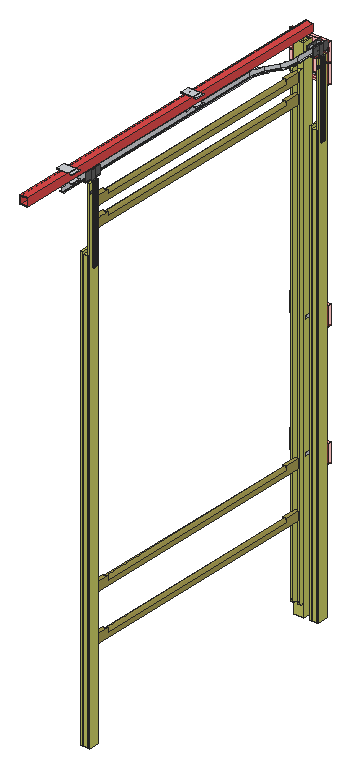
Revit family "Bomsystem1 sammansatt", category Generic Models, Revit 2017
Family settings
  Can host rebar = No
  Round Connector Dimension = Use Diameter
  Part Type = Normal
  Work Plane-Based = No
  Always vertical = Yes
  Cut with Voids When Loaded = No
  Shared = No
  Room Calculation Point = No
Parameters (values of type "Saxi Bomsystem 2 H")
  to_middle_support = Height / 2  # 4000 mm
  V = no
  URL = "www.saxi.se"
  Model = "Saxi Bomsystem 1"
  Manufacturer = "Saxi Vägg AB"
  Height_stolpe2 = Height - 1200 mm  # 6800 mm
  Height_stolpe = Height - 60 mm  # 7940 mm
  Height = 8000 mm
  H = yes
  2 = yes
Types (5, lengths in mm): name | to_middle_support | V | Height_stolpe2 | Height_stolpe | Height | H | 2
  (no name) | 4000 | no | 6800 | 7940 | 8000 | yes | yes
  Saxi Bomsystem 1 V | 4500 | yes | 7800 | 8940 | 9000 | no | no
  Saxi Bomsystem 1 H | 4500 | no | 7800 | 8940 | 9000 | yes | no
  Saxi Bomsystem 2 V | 4500 | yes | 7800 | 8940 | 9000 | no | yes
  Saxi Bomsystem 2 H | 4000 | no | 6800 | 7940 | 8000 | yes | yes
Reference planes
  plane 1 "Center (Front/Back)": y = 0
  plane 2: z = 0
  plane 3 "Center (Left/Right)": x = 0
Dimensions and locks
  locked: nested 2 to nested 1 at 135
  nested 5 to plane 1 "Center (Front/Back)" = 40 mm
  nested 3 to plane 1 "Center (Front/Back)" = 2175 mm
  nested 3 to nested 4 = 2400 mm
  nested 6 to nested 5 = 4276 mm
  locked: nested 9 to nested 1 at 600
  locked: nested 13 to nested 1 at 900
  locked: nested 15 to nested 1 at 167.083
  locked: nested 16 to nested 1 at 167.083
  locked: nested 17 to nested 1 at 167.083
  locked: nested 18 to nested 1 at 167.083
  locked: nested 19 to nested 1 at 135.037
  locked: level to nested 23 at 2100
  "to_middle_support": level to nested 24
  nested 25 to plane 1 "Center (Front/Back)" = 20.75 mm
  locked: nested 24 to nested 26 at 127.5
  aligned and locked: level to plane 2
  aligned and locked: nested 4 to nested 1
  aligned and locked: nested 3 to nested 1
  aligned and locked: nested 10 to nested 2
  aligned and locked: nested 20 to nested 19
  aligned and locked: nested 21 to nested 5
  aligned and locked: nested 22 to nested 21
Nested families
  nested 1: "takbalk" at (-60, 0, 8000), built-in parameter 1001364 <- "Height", type "takbalk"
    with beam_length 5500 mm
  nested 2: "takskena" at (-226.25, -12, 7865), visible <- "V", type "takskena"
  nested 3: "takskena_klam" at (0, -2125, 7925), type "takskena_klam"
  nested 4: "takskena_klam" at (0, -4525, 7925), type "takskena_klam"
  nested 5: "vagg_stolpe" at (0, -40, 0), type "vagg_stolpe"
    with height_stolpe1 7940 mm
  nested 6: "utkor_stolpe" at (0, -4316, 0) x (-1, 0, 0) z (0, 0, 1), visible <- "V", type "utkor_stolpe"
    with height_stolpe1 6800 mm
  nested 7: "utkor_stolpe" at (-226.031, -210, 0) x (-1, 0, 0) z (0, 0, 1), visible <- "V", type "utkor_stolpe"
    with height_stolpe1 6800 mm
  nested 8: "bom" at (0, -217.5, 1340), type "bom"
  nested 9: "bom" at (0, -217.5, 7400), type "bom"
  nested 10: "takskena - spegel" at (225.75, -12, 7865), visible <- "H", type "takskena - spegel"
  nested 11: "utkor_stolpe" at (226.031, -195, 0), visible <- "H", type "utkor_stolpe"
    with height_stolpe1 6800 mm
  nested 12: "utkor_stolpe" at (0, -4316, 0), visible <- "H", type "utkor_stolpe"
    with height_stolpe1 6800 mm
  nested 13: "bom" at (0, -217.5, 7100), visible <- "2", type "bom"
  nested 14: "bom" at (0, -217.5, 2060), visible <- "2", type "bom"
  nested 15: "vagn_sammansatt" at (0, -4244.666, 7902.5), visible <- "V", type "vagn_sammansatt"
  nested 16: "vagn_sammansatt" at (-226.333, -137.387, 7902.5), visible <- "V", type "vagn_sammansatt"
  nested 17: "vagn_sammansatt" at (226.333, -137.387, 7902.5) x (-1, 0, 0) z (0, 0, 1), visible <- "H", type "vagn_sammansatt"
  nested 18: "vagn_sammansatt" at (0, -4244.666, 7902.5) x (-1, 0, 0) z (0, 0, 1), visible <- "H", type "vagn_sammansatt"
  nested 19: "takskena_inf" at (-294.138, 0, 7804.963), visible <- "V", type "takskena_inf"
  nested 20: "takskena_inf" at (294.138, 0, 7804.963) x (-1, 0, 0) z (0, 0, 1), visible <- "H", type "takskena_inf"
  nested 21: "vagg_inf_BE" at (0, 50, 7640), type "vagg_inf_BE"
  nested 22: "vagg_inf_BE" at (0, 50, 7340), type "vagg_inf_BE"
  nested 23: "vagg_inf_BE" at (0, 50, 2100), type "vagg_inf_BE"
  nested 24: "vagg_inf_BE" at (0, 50, 4000), type "vagg_inf_BE"
  nested 25: "skruvinf_vagg" at (83.125, -181.75, 2237.5) x (0, -1, 0) z (0, 0, 1), type "skruvinf_vagg"
  nested 26: "skruvinf_vagg" at (83.125, -181.75, 4127.5) x (0, -1, 0) z (0, 0, 1), type "skruvinf_vagg"
Definition of nested family "takbalk"
  Parameters (values of type "takbalk")
    beam_length = 4000 mm
  Reference planes
    plane 1 "Center (Front/Back)": y = 0
    plane 2: z = 0
    plane 3 "Center (Left/Right)": x = 0
  Forms (mm)
    Extrusion 1, solid
      sketch origin (0, 0, 0) x (1, 0, 0) y (0, 0, 1)
        loop
          line (0, 0) -> (120, 0) -> (120, 120) -> (0, 120) -> (0, 0)
        loop
          line (4, 116) -> (4, 4) -> (116, 4) -> (116, 116) -> (4, 116)
      from 0 to 4000 <- "beam_length"
  Dimensions and locks
    aligned and locked: level to plane 2
Definition of nested family "takskena"
  Reference planes
    plane 1 "Center (Front/Back)": y = 0
    plane 2: z = 0
    plane 3 "Center (Left/Right)": x = 0
  Forms (mm)
    Sweep 1, solid
      path origin (0, 0, 0) x (1, 0, 0) y (0, 1, 0)
        loop
          line (0, 0) -> (0, -498.235)
          arc (0, -498.235) -> (16.563, -628.433) -> (65.198, -750.336) r 520
          line (65.198, -750.336) -> (167.071, -934.121)
          arc (167.071, -934.121) -> (211.029, -1044.303) -> (226, -1161.981) r 470
          line (226, -1161.981) -> (226, -4761.981)
      profile origin (0, -249.118, 0) x (1, 0, 0) y (0, 0, 1)
        loop
          line (0, 0) -> (30, 0) -> (30, 5)
          arc (30, 5) -> (29.414, 6.414) -> (28, 7) r 2
          line (28, 7) -> (6.5, 7)
          arc (6.5, 7) -> (4.379, 7.879) -> (3.5, 10) r 3
          line (3.5, 10) -> (3.5, 70) -> (0, 70) -> (-3.5, 70) -> (-3.5, 10)
          arc (-3.5, 10) -> (-4.379, 7.879) -> (-6.5, 7) r 3
          line (-6.5, 7) -> (-28, 7)
          arc (-28, 7) -> (-29.414, 6.414) -> (-30, 5) r 2
          line (-30, 5) -> (-30, 0) -> (0, 0)
  Dimensions and locks
    Sweep 1 sketch curve to plane 1 "Center (Front/Back)" = 1161.981 mm
    Sweep 1 sketch curve to Sweep 1 sketch curve = 3600 mm
    angle plane 3 "Center (Left/Right)" to Sweep 1 sketch curve = 29.00°
    aligned and locked: level to plane 2
Definition of nested family "takskena_klam"
  Reference planes
    plane 1 "Center (Front/Back)": y = 0
    plane 2: z = 0
    plane 3 "Center (Left/Right)": x = 0
    plane 4 "ovan": z = 195
  Forms (mm)
    Extrusion 1, solid
      sketch origin (0, 0, 0) x (1, 0, 0) y (0, 0, 1)
        loop
          line (-25, 70) -> (-25, 60) -> (25, 60) -> (25, 70) -> (-25, 70)
      from 0 to 250
    Extrusion 2, solid
      sketch origin (-21.321, 0, 70) x (1, 0, 0) y (0, 1, 0)
        loop
          arc (-91.679, -50) -> (-98.75, -52.929) -> (-101.679, -60) r 10
          line (-101.679, -60) -> (-101.679, -190)
          arc (-101.679, -190) -> (-98.75, -197.071) -> (-91.679, -200) r 10
          line (-91.679, -200) -> (134.321, -200)
          arc (134.321, -200) -> (141.392, -197.071) -> (144.321, -190) r 10
          line (144.321, -190) -> (144.321, -60)
          arc (144.321, -60) -> (141.392, -52.929) -> (134.321, -50) r 10
          line (134.321, -50) -> (-91.679, -50)
      from 0 to 5
    Extrusion 3, solid
      sketch origin (0, 0, 195) x (-1, 0, 0) y (0, -1, 0)
        loop
          line (-113, 50) -> (113, 50)
          arc (113, 50) -> (120.071, 52.929) -> (123, 60) r 10
          line (123, 60) -> (123, 190)
          arc (123, 190) -> (120.071, 197.071) -> (113, 200) r 10
          line (113, 200) -> (-113, 200)
          arc (-113, 200) -> (-120.071, 197.071) -> (-123, 190) r 10
          line (-123, 190) -> (-123, 60)
          arc (-123, 60) -> (-120.071, 52.929) -> (-113, 50) r 10
      from 0 to 5
    Extrusion 4, solid
      sketch origin (0, 0, 0) x (0, 1, 0) y (0, 0, 1)
        loop
          line (0, 60) -> (-50, 60) -> (-50, 0) -> (0, 0) -> (0, 60)
        loop
          line (-250, 60) -> (-250, 0) -> (-200, 0) -> (-200, 60) -> (-250, 60)
      from -5 to 5
  Dimensions and locks
    Extrusion 1 sketch curve to plane 3 "Center (Left/Right)" = 25 mm
    plane 3 "Center (Left/Right)" to Extrusion 1 sketch curve = 25 mm
    Extrusion 1 sketch curve to Extrusion 1 sketch curve = 10 mm
    locked: Extrusion 1 sketch curve to level at 70
    plane 3 "Center (Left/Right)" to Extrusion 2 sketch curve = 123 mm
    Extrusion 2 sketch curve to plane 3 "Center (Left/Right)" = 123 mm
    locked: Extrusion 2 sketch curve to Extrusion 2 sketch curve at 150
    Extrusion 2 sketch curve to plane 1 "Center (Front/Back)" = 50 mm
    Extrusion 1 to Extrusion 2 sketch curve = 50 mm
    plane 4 "ovan" to Extrusion 2 = 120 mm
    aligned and locked: level to plane 2
Definition of nested family "vagg_stolpe"
  Parameters (values of type "vagg_stolpe")
    height_stolpe1 = 8000 mm
  Reference planes
    plane 1 "Center (Front/Back)": y = 0
    plane 2: z = 0
    plane 3 "Center (Left/Right)": x = 0
    plane 4: z = 8000
    plane 5 "a": x = -37.5
  Forms (mm)
    Extrusion 1, solid
      sketch origin (0, 0, 0) x (1, 0, 0) y (0, 1, 0)
        loop
          line (-77.5, 0) -> (-77.5, -160) -> (77.5, -160) -> (77.5, 0) -> (-77.5, 0)
        loop
          line (-45.5, -128) -> (45.5, -128) -> (45.5, -32) -> (-45.5, -32) -> (-45.5, -128)
      from 0 to 8000
    Extrusion 2, solid
      sketch origin (-37.5, 0, 0) x (0, 1, 0) y (0, 0, 1)
        loop
          line (-160, 200) -> (-160, 7650) -> (-195, 7650)
          arc (-195, 7650) -> (-219.749, 7639.749) -> (-230, 7615) r 35
          line (-230, 7615) -> (-230, 235)
          arc (-230, 235) -> (-219.749, 210.251) -> (-195, 200) r 35
          line (-195, 200) -> (-160, 200)
      from -32 to 0
    Extrusion 3, solid
      sketch origin (37.5, 0, 0) x (0, 1, 0) y (0, 0, -1)
        loop
          line (-160, -200) -> (-195, -200)
          arc (-195, -200) -> (-219.749, -210.251) -> (-230, -235) r 35
          line (-230, -235) -> (-230, -7615)
          arc (-230, -7615) -> (-219.749, -7639.749) -> (-195, -7650) r 35
          line (-195, -7650) -> (-160, -7650) -> (-160, -200)
      from -32 to 0
  Dimensions and locks
    plane 3 "Center (Left/Right)" to Extrusion 1 sketch curve = 77.5 mm
    Extrusion 1 sketch curve to plane 3 "Center (Left/Right)" = 77.5 mm
    locked: Extrusion 1 sketch curve to Extrusion 1 sketch curve at 160
    "height_stolpe1": plane 4 to level
    plane 5 "a" to plane 3 "Center (Left/Right)" = 37.5 mm
    level to Extrusion 2 sketch curve = 200 mm
    locked: plane 4 to Extrusion 2 sketch curve at 350
    aligned and locked: level to plane 2
    aligned and locked: plane 4 to Extrusion 1
  Automatic sketch dimensions
    plane 1 "Center (Front/Back)" to Extrusion 1 sketch curve = 0 mm
    Extrusion 1 sketch curve to plane 5 "a" = 8 mm
    Extrusion 1 sketch curve to Extrusion 1 sketch curve = 32 mm  (x2)
    plane 1 "Center (Front/Back)" to Extrusion 1 sketch curve = 32 mm
    plane 1 "Center (Front/Back)" to Extrusion 2 sketch curve = 230 mm
    Extrusion 2 sketch curve to Extrusion 2 sketch curve = 35 mm  (x3)
    plane 1 "Center (Front/Back)" to Extrusion 3 sketch curve = 230 mm
    Extrusion 3 sketch curve to Extrusion 3 sketch curve = 35 mm  (x3)
    Extrusion 3 sketch curve to plane 4 = 350 mm
    level to Extrusion 3 sketch curve = 235 mm
Definition of nested family "utkor_stolpe"
  Parameters (values of type "utkor_stolpe")
    height_stolpe1 = 8000 mm
  Reference planes
    plane 1 "Center (Front/Back)": y = 0
    plane 2: z = 0
    plane 3 "Center (Left/Right)": x = 0
    plane 4: z = 8000
    plane 5 "a": x = -37.5
  Forms (mm)
    Extrusion 1, solid
      sketch origin (0, 0, 0) x (1, 0, 0) y (0, 1, 0)
        loop
          line (-37.5, 0) -> (-37.5, -85) -> (37.5, -85) -> (37.5, 0) -> (-37.5, 0)
      from 0 to 8000
    Extrusion 2, solid
      sketch origin (-37.5, 0, 0) x (0, 1, 0) y (0, 0, 1)
        loop
          line (0, 0) -> (0, 8030) -> (-155, 8030) -> (-155, 0) -> (0, 0)
      from -32 to 0
    Extrusion 3, void
      sketch origin (0, 0, 0) x (0, 1, 0) y (0, 0, 1)
        loop
          line (-203.085, 0) -> (-85, 0) -> (-85, 230) -> (-203.085, 230) -> (-203.085, 0)
      from -100 to 100
    Extrusion 4, solid
      sketch origin (37.5, 0, 0) x (0, -1, 0) y (0, 0, -1)
        loop
          line (0, 0) -> (0, -9000) -> (155, -9000) -> (155, 0) -> (0, 0)
      from 0 to 32
  Cuts and joins
    Extrusion 3 cuts Extrusion 1
    Extrusion 3 cuts Extrusion 2
  Dimensions and locks
    "height_stolpe1": plane 4 to level
    plane 5 "a" to plane 3 "Center (Left/Right)" = 37.5 mm
    plane 3 "Center (Left/Right)" to Extrusion 1 sketch curve = 37.5 mm
    Extrusion 1 sketch curve to plane 3 "Center (Left/Right)" = 37.5 mm
    Extrusion 1 sketch curve to Extrusion 1 sketch curve = 85 mm
    locked: Extrusion 2 sketch curve to plane 4 at 30
    Extrusion 3 sketch curve to Extrusion 3 sketch curve = 230 mm
    locked: Extrusion 4 sketch curve to plane 4 at 1000
    aligned and locked: level to plane 2
    aligned and locked: plane 4 to Extrusion 1
  Automatic sketch dimensions
    plane 1 "Center (Front/Back)" to Extrusion 1 sketch curve = 0 mm
    Extrusion 2 sketch curve to plane 1 "Center (Front/Back)" = 0 mm
    plane 1 "Center (Front/Back)" to Extrusion 2 sketch curve = 155 mm
    level to Extrusion 2 sketch curve = 0 mm
    Extrusion 3 sketch curve to level = 0 mm
    plane 1 "Center (Front/Back)" to Extrusion 3 sketch curve = 203.085 mm
    plane 1 "Center (Front/Back)" to Extrusion 3 sketch curve = 85 mm
    Extrusion 4 sketch curve to Extrusion 1 = 0 mm  (x2)
    Extrusion 4 sketch curve to Extrusion 1 = 70 mm
Definition of nested family "bom"
  Reference planes
    plane 1 "Center (Front/Back)": y = 0
    plane 2: z = 0
    plane 3 "Center (Left/Right)": x = 0
    plane 4 "a": y = -260
  Forms (mm)
    Extrusion 1, solid
      sketch origin (0, 0, 0) x (0, 1, 0) y (0, 0, 1)
        loop
          line (0, 0) -> (0, 140) -> (-4000, 140) -> (-4000, 0) -> (0, 0)
      from -32.5 to 32.5
    Extrusion 2, void
      sketch origin (0, -260, 0) x (0, 0, 1) y (-1, 0, 0)
        loop
          arc (137.602, 4.06) -> (140, 0) -> (137.602, -4.06) r 4.637
          arc (137.602, -4.06) -> (88.612, -28.84) -> (34.931, -40.341) r 214.033
          line (34.931, -40.341) -> (34.931, -90.341) -> (164.931, -90.341) -> (164.931, 71.133) -> (34.931, 66.593) -> (34.931, 40.341)
          arc (34.931, 40.341) -> (88.612, 28.84) -> (137.602, 4.06) r 214.033
      from 0 to 3458
  Cuts and joins
    Extrusion 2 cuts Extrusion 1
  Dimensions and locks
    aligned and locked: level to plane 2
Definition of nested family "takskena - spegel"
  Reference planes
    plane 1 "Center (Front/Back)": y = 0
    plane 2: z = 0
    plane 3 "Center (Left/Right)": x = 0
  Forms (mm)
    Sweep 1, solid
      path origin (0, 0, 0) x (-1, 0, 0) y (0, 1, 0)
        loop
          line (0, 0) -> (0, -498.235)
          arc (0, -498.235) -> (16.563, -628.433) -> (65.198, -750.336) r 520
          line (65.198, -750.336) -> (167.071, -934.121)
          arc (167.071, -934.121) -> (211.029, -1044.303) -> (226, -1161.981) r 470
          line (226, -1161.981) -> (226, -4761.981)
      profile origin (0, -249.118, 0) x (1, 0, 0) y (0, 0, 1)
        loop
          line (0, 0) -> (30, 0) -> (30, 5)
          arc (30, 5) -> (29.414, 6.414) -> (28, 7) r 2
          line (28, 7) -> (6.5, 7)
          arc (6.5, 7) -> (4.379, 7.879) -> (3.5, 10) r 3
          line (3.5, 10) -> (3.5, 70) -> (0, 70) -> (-3.5, 70) -> (-3.5, 10)
          arc (-3.5, 10) -> (-4.379, 7.879) -> (-6.5, 7) r 3
          line (-6.5, 7) -> (-28, 7)
          arc (-28, 7) -> (-29.414, 6.414) -> (-30, 5) r 2
          line (-30, 5) -> (-30, 0) -> (0, 0)
  Dimensions and locks
    Sweep 1 sketch curve to Sweep 1 sketch curve = 3600 mm
    aligned and locked: level to plane 2
Definition of nested family "vagn_sammansatt"
  Reference planes
    plane 1 "Center (Front/Back)": y = 0
    plane 2: z = 0
    plane 3 "Center (Left/Right)": x = 0
    plane 4 "a": z = -79.747
  Forms (mm)
    Extrusion 1, solid
      sketch origin (-44, -66.5, 0) x (0, 1, 0) y (0, 0, -1)
        loop
          line (203.331, -65.253) -> (203.331, 61.583) -> (-61.669, 61.583) -> (-61.669, -65.253) -> (203.331, -65.253)
      from 1 to 9
    Extrusion 2, solid
      sketch origin (44, -66.5, 0) x (0, 1, 0) y (0, 0, 1)
        loop
          line (203.331, 65.253) -> (-61.669, 65.253) -> (-61.669, -61.583) -> (203.331, -61.583) -> (203.331, 65.253)
      from 1 to 9
    Extrusion 3, solid
      sketch origin (-44, -128.169, -61.583) x (1, 0, 0) y (0, -1, 0)
        loop
          line (-9, -265) -> (97, -265) -> (97, -195) -> (-9, -195) -> (-9, -265)
        loop
          line (-9, 0) -> (-9, -81.923) -> (97, -81.923) -> (97, 0) -> (-9, 0)
      from 0 to 8
    Extrusion 4, void
      sketch origin (-53, -66.5, 0) x (0, -1, 0) y (0, 0, -1)
        loop
          circle (-138.662, 0.174) r 10
        loop
          circle (0.088, 0.174) r 10
      from -150 to 150
    Extrusion 5, solid
      sketch origin (-53, -66.5, 0) x (0, 1, 0) y (0, 0, -1)
        loop
          line (95.831, -65.253) -> (95.831, 142.747) -> (45.831, 142.747) -> (45.831, -65.253) -> (95.831, -65.253)
      from 0 to 10
    Extrusion 6, solid
      sketch origin (-6.5, 0, -79.747) x (-1, 0, 0) y (0, -1, 0)
        loop
          line (63, -29.331) -> (88, -29.331) -> (88, -28.331)
          arc (88, -28.331) -> (87.414, -26.917) -> (86, -26.331) r 2
          line (86, -26.331) -> (69, -26.331)
          arc (69, -26.331) -> (66.879, -25.453) -> (66, -23.331) r 3
          line (66, -23.331) -> (66, 14.669)
          arc (66, 14.669) -> (66.879, 16.79) -> (69, 17.669) r 3
          line (69, 17.669) -> (86, 17.669)
          arc (86, 17.669) -> (87.414, 18.255) -> (88, 19.669) r 2
          line (88, 19.669) -> (88, 20.669) -> (63, 20.669) -> (63, -29.331)
      from -1190 to 0
    Extrusion 7, solid
      sketch origin (-69.5, 29.331, -79.747) x (0, -1, 0) y (0, 0, -1)
        loop
          line (50, 125) -> (93, 125) -> (93, 155) -> (50, 155) -> (50, 125)
        loop
          circle (71.169, 139.568) r 5
      from -6 to 0
    Extrusion 8, solid
      sketch origin (-69.5, -20.659, -79.747) x (0, 1, 0) y (0, 0, 1)
        loop
          line (50, -125) -> (50, -155) -> (93, -155) -> (93, -125) -> (50, -125)
        loop
          circle (71.169, -139.568) r 5
      from -6 to 0
  Cuts and joins
    Extrusion 4 cuts Extrusion 1
    Extrusion 4 cuts Extrusion 2
  Dimensions and locks
    locked: plane 3 "Center (Left/Right)" to nested 1 at 17
    locked: plane 3 "Center (Left/Right)" to nested 2 at 17
    locked: nested 2 to nested 1 at 139
    locked: nested 4 to nested 3 at 139
    cut or joined group of Extrusion 1, Extrusion 4 to Extrusion 5 sketch curve = 107.5 mm
    Extrusion 5 sketch curve to cut or joined group of Extrusion 1, Extrusion 4 = 107.5 mm
    locked: Extrusion 5 sketch curve to Extrusion 5 sketch curve at 50
    Extrusion 5 to plane 4 "a" = 145 mm
    Extrusion 6 to Extrusion 5 = 6.5 mm
    Extrusion 6 to Extrusion 7 sketch curve = 125 mm
    aligned and locked: level to plane 2
  Nested families
    nested 1: "hjul" at (17, 72.5, 0), type "hjul"
    nested 2: "hjul" at (17, -66.5, 0), type "hjul"
    nested 3: "hjul" at (-17, 72.5, 0) x (-1, 0, 0) z (0, 0, 1), type "hjul"
    nested 4: "hjul" at (-17, -66.5, 0) x (-1, 0, 0) z (0, 0, 1), type "hjul"
  Definition of nested family "hjul"
    Reference planes
      plane 1 "Center (Front/Back)": y = 0
      plane 2: z = 0
      plane 3 "Center (Left/Right)": x = 0
    Forms (mm)
      Revolve 1, solid
        sketch origin (0, 0, 0) x (1, 0, 0) y (0, 1, 0)
          loop
            line (0, 30) -> (0, 0) -> (27, 0) -> (27, 50) -> (18, 50) -> (18, 30) -> (0, 30)
          axis (0, 0) -> (27, 0)
        angle from 0 to 360
    Dimensions and locks
      Revolve 1 sketch curve to Revolve 1 sketch curve = 30 mm
      aligned and locked: level to plane 2
Definition of nested family "takskena_inf"
  Reference planes
    plane 1 "Center (Front/Back)": y = 0
    plane 2: z = 0
    plane 3 "Center (Left/Right)": x = 0
  Forms (mm)
    Extrusion 1, solid
      sketch origin (0, 0, 0) x (1, 0, 0) y (0, 0, 1)
        loop
          line (0, 0) -> (246, 0) -> (246, -390) -> (346, -390) -> (346, 60) -> (0, 60) -> (0, 0)
        loop
          circle (296, -255) r 6.5
        loop
          circle (296, -60) r 6.5
        loop
          circle (180, 30) r 6.5
      from 0 to 8
    Extrusion 2, solid
      sketch origin (0, -8, 0) x (1, 0, 0) y (0, 0, 1)
        loop
          line (153.5, -380) -> (438.5, -380) -> (438.5, -340) -> (153.5, -340) -> (153.5, -380)
        loop
          circle (178.5, -360.206) r 6.5
        loop
          circle (413.5, -360.206) r 6.5
      from 0 to 8
  Dimensions and locks
    Extrusion 1 sketch curve to Extrusion 1 sketch curve = 135 mm
    Extrusion 1 sketch curve to Extrusion 1 sketch curve = 50 mm
    Extrusion 1 sketch curve to Extrusion 1 sketch curve = 180 mm
    Extrusion 1 sketch curve to Extrusion 1 sketch curve = 30 mm
    locked: Extrusion 2 sketch curve to Extrusion 2 sketch curve at 285
    Extrusion 2 sketch curve to Extrusion 1 = 92.5 mm  (x2)
    Extrusion 2 sketch curve to Extrusion 1 = 10 mm
    locked: Extrusion 2 sketch curve to Extrusion 2 sketch curve at 40
    Extrusion 2 sketch curve to Extrusion 2 sketch curve = 25 mm  (x2)
    aligned and locked: level to plane 2
Definition of nested family "vagg_inf_BE"
  Reference planes
    plane 1 "Center (Front/Back)": y = 0
    plane 2: z = 0
    plane 3 "Center (Left/Right)": x = 0
  Forms (mm)
    Extrusion 1, solid
      sketch origin (0, 0, 0) x (1, 0, 0) y (0, 0, 1)
        loop
          line (-300, 0) -> (300, 0) -> (300, 300) -> (-300, 300) -> (-300, 0)
      from 0 to 50
  Dimensions and locks
    Extrusion 1 sketch curve to plane 3 "Center (Left/Right)" to Extrusion 1 sketch curve = 300 mm, 300 mm
    Extrusion 1 sketch curve to Extrusion 1 sketch curve = 300 mm
    aligned and locked: level to plane 2
Definition of nested family "skruvinf_vagg"
  Reference planes
    plane 1 "Center (Front/Back)": y = 0
    plane 2: z = 0
    plane 3 "Center (Left/Right)": x = 0
    plane 4 "a": x = -120
  Forms (mm)
    Extrusion 1, solid
      sketch origin (0, 0, 0) x (1, 0, 0) y (0, 1, 0)
        loop
          line (0, 0) -> (-150, 0)
          arc (-150, 0) -> (-157.778, -3.222) -> (-161, -11) r 11
          line (-161, -11) -> (-161, -156)
          arc (-161, -156) -> (-157.778, -163.778) -> (-150, -167) r 11
          line (-150, -167) -> (0, -167) -> (0, -161) -> (-150, -161)
          arc (-150, -161) -> (-153.536, -159.536) -> (-155, -156) r 5
          line (-155, -156) -> (-155, -11)
          arc (-155, -11) -> (-153.536, -7.464) -> (-150, -6) r 5
          line (-150, -6) -> (0, -6) -> (0, 0)
      from 0 to 40
    Extrusion 2, void
      sketch origin (0, 0, 0) x (1, 0, 0) y (0, 0, 1)
        loop
          circle (-13.096, 20.402) r 3
      from -10 to 200
    Extrusion 3, solid
      sketch origin (-120, 0, 0) x (0, 0, 1) y (0, -1, 0)
        loop
          line (40, 0) -> (0, 0) -> (0, -55) -> (40, -55) -> (40, 0)
        loop
          line (0, 167) -> (40, 167) -> (40, 222) -> (0, 222) -> (0, 167)
        loop
          circle (20.26, 206) r 6.5
        loop
          circle (20.784, -38.823) r 6.5
      from 0 to 6
  Cuts and joins
    Extrusion 2 cuts Extrusion 1
  Dimensions and locks
    Extrusion 3 sketch curve to Extrusion 3 sketch curve = 16.177 mm
    Extrusion 3 sketch curve to Extrusion 3 sketch curve = 16 mm
    aligned and locked: level to plane 2
